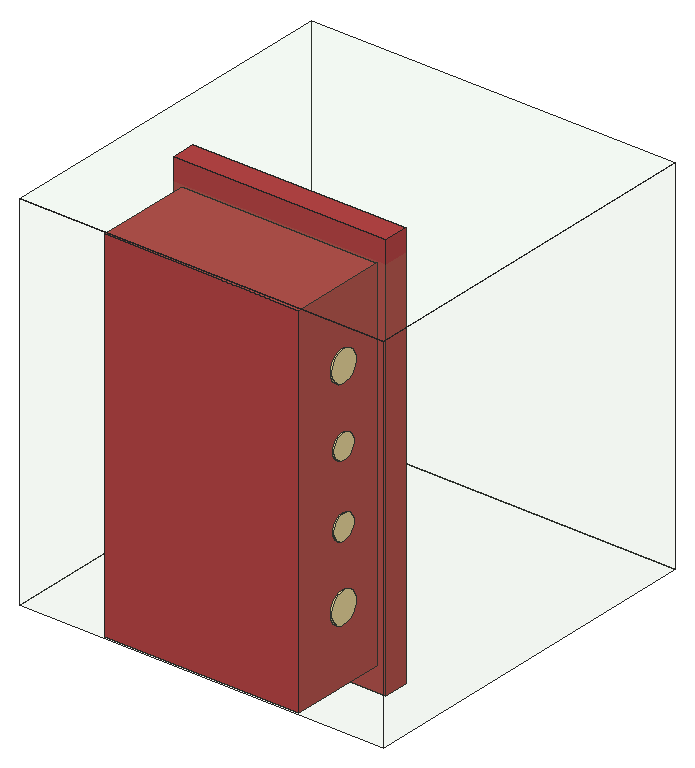
Revit family "ZETA_Коробка_Клемная_КС-20", category Электрические приборы, Revit 2021
Family settings
  Сохранять ориентацию аннотаций = Нет
  Размер круглого соединителя = Использовать диаметр
  Тип детали = Нормальный
  На основе рабочей плоскости = Да
  Всегда вертикально = Нет
  При загрузке вырезать с полостями = Нет
  Общий = Нет
  Точка принадлежности помещению = Да
Parameters (values of type "KC_20_IP54")
  УГО_Ширина = 10 mm
  УГО_Смещение_Х [instance] = 0 mm
  УГО_Смещение_Y [instance] = 0 mm
  УГО_Высота = 5 mm
  Температура эксплуатации = "от -40°С до +60°С"
  Сечение жил до = "4мм2"
  Сертификат = "RU C-RU.АД84.В.00192/20"
  Потолочное размещение [instance] = no
  Default Elevation = 1219.2 mm
  Описание = "Коробки клеммные КС с наборными зажимами применяются для соединения и\r\nразветвления вторичных и силовых цепей, выполняемых контрольными и силовыми\r\nкабелями с алюминиевыми или медными жилами сечением до 4 мм2."
  Номинальный ток = "до 25A"
  Напряжение постоянного тока = "440 В"
  Напряжение переменного тока = "660 В"
  Крышка_Ширина = 160 mm
  Крышка_Длина = 190 mm
  Климатическое исполнение = "У2"
  Изготовитель = "АО «ЗЭТА»"  # constant formula
  Изготавливается по = "ТУ 27.33.13.120-047-99856433-2020"
  URL = "https://nzeta.ru/"
  D3 = 20 mm
  D2 = 32 mm
  D1 = 25 mm
  В_УГО_Смещение_У [instance] = УГО_Смещение_Y + 2000 mm  # 2000 mm
  В_УГО_Смещение_X [instance] = УГО_Смещение_Х + 2000 mm  # 2000 mm
  ADSK_Ток = 0 A
  ADSK_Степень защиты_IP = "IP54"
  ADSK_Размер_Ширина = 175 mm
  ADSK_Размер_УголПоворота [instance] = if(Потолочное размещение, -90.00°, 180.00°)  # 180.00°
  ADSK_Размер_Длина = 336 mm
  ADSK_Размер_Высота = 100 mm
  ADSK_Примечание [instance] = ""
  ADSK_Полная мощность = 0 VA
  ADSK_Позиция [instance] = ""
  ADSK_Обозначение = "KK"
  ADSK_Номинальная мощность = 0 W
  ADSK_Номер стояка = ""
  ADSK_Номер линии = 0
  ADSK_Напряжение = 230 V
  ADSK_Наименование краткое = "КС-20"
  ADSK_Наименование = "Коробка соединительная КС-10 У2 IP54 пластиковый ввод ГОФРОМАТИК"
  ADSK_Материал наименование = "Сталь оцинкованная"
  ADSK_Масса_Текст = "2,2"
  ADSK_Масса = 2.2
  ADSK_Марка = "KK КС-20 У2 IP54"
  ADSK_Коэффициент мощности = 1
  ADSK_Количество фаз числовое = 1
  ADSK_Количество фаз = 1
  ADSK_Количество = 1
  ADSK_Код изделия = "zeta30330"
  ADSK_Классификация нагрузок = Прочее
  ADSK_Завод-изготовитель = "АО «ЗЭТА»"  # constant formula
  ADSK_Единица измерения = "шт"  # constant formula
  ADSK_Версия семейства = "v.1"  # constant formula
  ADSK_Версия Revit = "2021"
  ADSK_URL страницы изделия = "https://nzeta.ru/catalog/?q=zeta30346"
  ADSK_URL документации изделия = "https://nzeta.ru/upload/uf/cd3/ucvn5ijg5ejxga6zaml3v74937uulgkq/passport.pdf"
Types (3, lengths in mm): name | Потолочное размещение | Климатическое исполнение | ADSK_Степень защиты_IP | ADSK_Размер_УголПоворота | ADSK_Наименование | ADSK_Масса_Текст | ADSK_Масса | ADSK_Марка | ADSK_Код изделия | ADSK_URL страницы изделия | ADSK_URL документации изделия
  КС-20_IP65 | yes | "УХЛ1,5" | "IP65" | -90.00° | "Коробка соединительная КС-20 УХЛ1,5 IP65 латунный ввод ГОФРОМАТИК" | "2,3" | 2.3 | "KK КС-20 УХЛ1,5 IP65" | "zeta30346" | "https://nzeta.ru/catalog/?q=zeta30346" | "https://nzeta.ru/upload/uf/077/elgffl8um5zrcwu76treq3ypqj3qncgm/passport.pdf"
  КС_20_IP65_Метал.заглушки | yes | "УХЛ1,5" | "IP65" | -90.00° | "Коробка соединительная КС-20 УХЛ1,5  IP65 металлические заглушки ГОФРОМАТИК" | "2,1" | 2.1 | "KK КС-20 УХЛ1,5 IP65" | "zeta30329" | "https://nzeta.ru/catalog/?q=zeta30329" | "https://nzeta.ru/upload/uf/d7b/oe5fq7pedhduhieubx13nmdfqhj7s2xg/passport.pdf"
  KC_20_IP54 | no | "У2" | "IP54" | 180.00° | "Коробка соединительная КС-10 У2 IP54 пластиковый ввод ГОФРОМАТИК" | "2,2" | 2.2 | "KK КС-20 У2 IP54" | "zeta30330" | "https://nzeta.ru/catalog/?q=zeta30346" | "https://nzeta.ru/upload/uf/cd3/ucvn5ijg5ejxga6zaml3v74937uulgkq/passport.pdf"
Reference planes
  plane 1 "По центру (Вперед/Назад)": y = 0
  plane 2: z = 0
  plane 3 "По центру (Влево/Вправо)": x = 0
  plane 4: x = -2000
  plane 5: y = -2000
  plane 6: x = 0
  plane 7: y = 0
Lines and regions (mm)
  reference lines
    curve 1: line (0, 0, 0) -> (0, 0, -180)
    curve 2: line (0, 0, 0) -> (0, 140, 0)
Dimensions and locks
  "В_УГО_Смещение_X": plane 4 to plane 6
  "В_УГО_Смещение_У": plane 7 to plane 5
  angle curve 2 to curve 1 = 90.00°
  "ADSK_Размер_УголПоворота": angle plane 1 "По центру (Вперед/Назад)" to curve 1
  aligned and locked: level to plane 2
  aligned and locked: plane 6 to nested 1
  aligned and locked: nested 1 to plane 7
  aligned and locked: plane 2 to curve 2
  aligned and locked: plane 1 "По центру (Вперед/Назад)" to curve 1
  aligned and locked: nested 2 to curve 2
Nested families
  nested 1: "УГО_Клеменная_Коробка_(GenAnn)" at (0, 0, 0), УГО_Высота <- "УГО_Высота", УГО_Длина <- "УГО_Ширина", ADSK_Обозначение <- "ADSK_Обозначение", ADSK_Степень защиты_IP <- "ADSK_Степень защиты_IP", type "УГО_Клеменная_Коробка_(GenAnn)", detail levels coarse+medium
    with УГО_Длина 10 mm, УГО_Высота 5 mm, ADSK_Степень защиты_IP "IP54", ADSK_Обозначение "KK"
  nested 2: "ZETA_Коробка_Клемная_КС-20_IP65_Геометрия" at (0, 0, 0) x (0, 0, -1) z (0, 1, 0), type "КС-20", detail levels medium+fine
  nested 3: "Zeta_Зона обслуживания" at (0, 0, 0) x (-1, 0, 0) z (0, 0, -1), type "Зона обслуживания_Куб", detail levels medium+fine
    with Зона обслуживания_Ширина 300 mm, Зона обслуживания_Длина 300 mm, Зона обслуживания_Высота 300 mm
Connectors
  cabletrayconduit at (-81.999, 43.588, 88.893), diameter 32, driven by "D2"
    settings: on nested 2, index 2, connector width 300 mm, connector height 300 mm, connector angle 0.00°, system type 32, placement type 0, profile type 0, connector reference index -1, is primary connector yes, connector utility param no, connector description ""
  cabletrayconduit at (-81.999, 43.588, 0), diameter 25, driven by "D1"
    settings: on nested 2, index 3, connector width 300 mm, connector height 300 mm, connector angle 0.00°, system type 32, placement type 0, profile type 0, connector reference index -1, is primary connector no, connector utility param no, connector description ""
  cabletrayconduit at (-81.999, 43.588, -88.893), diameter 32, driven by "D2"
    settings: on nested 2, index 4, connector width 300 mm, connector height 300 mm, connector angle 0.00°, system type 32, placement type 0, profile type 0, connector reference index -1, is primary connector no, connector utility param no, connector description ""
  electrical at (0, 0, 0), driven by "ADSK_Количество фаз", driven by "ADSK_Классификация нагрузок", driven by "ADSK_Напряжение", driven by "ADSK_Полная мощность", driven by "ADSK_Коэффициент мощности"
    settings: on nested 2, index 5, voltage 230 V, apparent load 0 VA, apparent load phase1 0 VA, apparent load phase2 0 VA, apparent load phase3 0 VA, power factor 1, load classification "Прочее", number of poles 1, system type 30, power factor state 1, is connector primary yes, connector utility no, sub classification motor no, connector description ""
  cabletrayconduit at (81.928, 43.588, 89.057), diameter 25, driven by "D1"
    settings: on nested 2, index 7, connector width 300 mm, connector height 300 mm, connector angle 0.00°, system type 32, placement type 0, profile type 0, connector reference index -1, is primary connector no, connector utility param no, connector description ""
  cabletrayconduit at (81.928, 43.588, -89.057), diameter 25, driven by "D1"
    settings: on nested 2, index 8, connector width 300 mm, connector height 300 mm, connector angle 0.00°, system type 32, placement type 0, profile type 0, connector reference index -1, is primary connector no, connector utility param no, connector description ""
  cabletrayconduit at (81.928, 43.588, 29.686), diameter 20, driven by "D3"
    settings: on nested 2, index 9, connector width 300 mm, connector height 300 mm, connector angle 0.00°, system type 32, placement type 0, profile type 0, connector reference index -1, is primary connector no, connector utility param no, connector description ""
  cabletrayconduit at (81.928, 43.588, -29.686), diameter 20, driven by "D3"
    settings: on nested 2, index 10, connector width 300 mm, connector height 300 mm, connector angle 0.00°, system type 32, placement type 0, profile type 0, connector reference index -1, is primary connector no, connector utility param no, connector description ""
Definition of nested family "ZETA_Коробка_Клемная_КС-20_IP65_Геометрия"
  Parameters (values of type "65-20")
    Привязки_Штуцер = 177.786 mm
    Default Elevation = 1219.2 mm
    Основание_Ширина = ADSK_Размер_Ширина * 0.9142  # 159.985 mm
    Основание_Длина = ADSK_Размер_Длина * 0.8835  # 296.856 mm
    Manufacturer = "АО \"ЗЭТАРУС\""
    D3 = 20 mm
    D2 = 32 mm
    D1 = 25 mm
    ADSK_Размер_Ширина = 175 mm
    ADSK_Размер_Длина = 336 mm
    ADSK_Размер_Высота = 100 mm
  Reference planes
    plane 1 "По центру (Вперед/Назад)": y = 0
    plane 2: z = 0
    plane 3 "По центру (Влево/Вправо)": x = 0
    plane 4: x = -148.428
    plane 5: x = 148.428
    plane 6: y = -79.992
    plane 7: y = 79.993
    plane 8: x = -168
    plane 9: y = -87.5
    plane 10: x = 168
    plane 11: y = 87.5
    plane 12: z = 100
    plane 13: z = 79.822
    plane 14: y = -57.269
    plane 15: y = 57.269
    plane 16: z = 43.588
    plane 17: y = -81.999
    plane 18: y = 81.928
    plane 19: x = -88.893
    plane 20: x = 88.893
    plane 21: x = -29.686
    plane 22: x = -89.057
    plane 23: x = 29.686
    plane 24: x = 89.057
  Forms (mm)
    Extrusion 1, solid
      sketch origin (0, 0, 0) x (1, 0, 0) y (0, 1, 0)
        loop
          line (-148.428, 79.993) -> (-148.428, -79.992) -> (148.428, -79.992) -> (148.428, 79.993) -> (-148.428, 79.993)
      from 0 to 79.822
    Extrusion 2, solid
      sketch origin (0, 0, 0) x (1, 0, 0) y (0, 1, 0)
        loop
          line (-168, 87.5) -> (-168, -87.5) -> (168, -87.5) -> (168, 87.5) -> (-168, 87.5)
      from 100 to 79.822
    Extrusion 3, solid
      sketch origin (0, 0, 0) x (1, 0, 0) y (0, 0, 1)
        loop
          circle (-88.893, 43.588) r 16
      from 79.992 to 81.999
    Extrusion 4, solid
      sketch origin (43.5, 0, 0) x (1, 0, 0) y (0, 0, 1)
        loop
          circle (-43.5, 43.588) r 12.5
      from 81.999 to 79.992
    Extrusion 5, solid
      sketch origin (117, 0, 0) x (1, 0, 0) y (0, 0, 1)
        loop
          circle (-28.107, 43.588) r 16
      from 81.999 to 79.992
    Extrusion 6, solid
      sketch origin (85.899, 167.006, 14.478) x (1, 0, 0) y (0, 0, 1)
        loop
          circle (-115.585, 29.11) r 10
      from 85.079 to 87.014
    Extrusion 7, solid
      sketch origin (26.528, 167.006, 14.478) x (1, 0, 0) y (0, 0, 1)
        loop
          circle (-115.585, 29.11) r 12.5
      from 85.079 to 87.014
    Extrusion 8, solid
      sketch origin (145.27, 167.006, 14.478) x (1, 0, 0) y (0, 0, 1)
        loop
          circle (-115.585, 29.11) r 10
      from 85.079 to 87.014
    Extrusion 9, solid
      sketch origin (204.642, 167.006, 14.478) x (1, 0, 0) y (0, 0, 1)
        loop
          circle (-115.585, 29.11) r 12.5
      from 85.079 to 87.014
  Dimensions and locks
    equal spacing: plane 4, plane 3 "По центру (Влево/Вправо)", plane 5
    equal spacing: plane 7, plane 1 "По центру (Вперед/Назад)", plane 6
    "Основание_Ширина": plane 7 to plane 6
    "Основание_Длина": plane 4 to plane 5
    equal spacing: plane 11, plane 1 "По центру (Вперед/Назад)", plane 9
    equal spacing: plane 8, plane 3 "По центру (Влево/Вправо)", plane 10
    "ADSK_Размер_Ширина": plane 11 to plane 9
    "ADSK_Размер_Длина": plane 8 to plane 10
    "ADSK_Размер_Высота": plane 12 to level
    locked: plane 6 to plane 17 at 2.006
    locked: plane 18 to plane 7 at 1.935
    equal spacing: plane 19, plane 3 "По центру (Влево/Вправо)", plane 20
    equal spacing: plane 4, plane 22, plane 21, plane 23, plane 24, plane 5
    "Привязки_Штуцер": plane 19 to plane 20
    "D2": diameter of Extrusion 3 sketch curve
    "D1": diameter of Extrusion 4 sketch curve
    "D2": diameter of Extrusion 5 sketch curve
    "D3": diameter of Extrusion 6 sketch curve
    "D1": diameter of Extrusion 7 sketch curve
    "D3": diameter of Extrusion 8 sketch curve
    "D1": diameter of Extrusion 9 sketch curve
    aligned and locked: level to plane 2
    aligned and locked: Extrusion 1 sketch curve to plane 7
    aligned and locked: plane 4 to Extrusion 1 sketch curve
    aligned and locked: plane 6 to Extrusion 1 sketch curve
    aligned and locked: Extrusion 1 sketch curve to plane 5
    aligned and locked: Extrusion 2 sketch curve to plane 11
    aligned and locked: plane 8 to Extrusion 2 sketch curve
    aligned and locked: plane 9 to Extrusion 2 sketch curve
    aligned and locked: Extrusion 2 sketch curve to plane 10
    aligned and locked: Extrusion 2 to plane 13
    aligned and locked: Extrusion 1 to Extrusion 2
    aligned and locked: plane 16 to Extrusion 3 sketch curve
    aligned and locked: plane 6 to Extrusion 3
    aligned and locked: Extrusion 3 to plane 17
    aligned and locked: plane 18 to Extrusion 6
    aligned and locked: Extrusion 6 to plane 7
    aligned and locked: Extrusion 4 to Extrusion 1
    aligned and locked: Extrusion 4 to plane 17
    aligned and locked: Extrusion 5 to Extrusion 1
    aligned and locked: Extrusion 5 to plane 17
    aligned and locked: plane 19 to Extrusion 3 sketch curve
    aligned and locked: plane 20 to Extrusion 5 sketch curve
    aligned and locked: plane 16 to Extrusion 5 sketch curve
    aligned and locked: plane 16 to Extrusion 6 sketch curve
    aligned and locked: plane 21 to Extrusion 6 sketch curve
  Automatic sketch dimensions
    Extrusion 4 sketch curve to plane 3 "По центру (Влево/Вправо)" = 0 mm
    Extrusion 4 sketch curve to plane 16 = 0 mm
    Extrusion 7 sketch curve to plane 16 = 0 mm
    Extrusion 7 sketch curve to plane 22 = 0 mm
    Extrusion 8 sketch curve to plane 16 = 0 mm
    Extrusion 8 sketch curve to plane 23 = 0 mm
    Extrusion 9 sketch curve to plane 16 = 0 mm
    Extrusion 9 sketch curve to plane 24 = 0 mm
Definition of nested family "Zeta_Зона обслуживания"
  Parameters (values of type "Зона обслуживания_Куб")
    Default Elevation = 1219.2 mm
    Зона обслуживания_Ширина [instance] = 300 mm
    Зона обслуживания_Длина [instance] = 300 mm
    Зона обслуживания_Высота [instance] = 300 mm
  Reference planes
    plane 1 "По центру (Вперед/Назад)": y = 0
    plane 2: z = 0
    plane 3 "По центру (Влево/Вправо)": x = 0
    plane 4: x = -150
    plane 5: x = 150
    plane 6: y = 300
    plane 7: z = 150
    plane 8: z = -150
  Forms (mm)
    Extrusion 1, solid
      sketch origin (0, 0, 0) x (1, 0, 0) y (0, 1, 0)
        loop
          line (-150, 300) -> (-150, 0) -> (150, 0) -> (150, 300) -> (-150, 300)
      from -150 to 150
  Dimensions and locks
    equal spacing: plane 4, plane 3 "По центру (Влево/Вправо)", plane 5
    "Зона обслуживания_Ширина": plane 6 to plane 1 "По центру (Вперед/Назад)"
    "Зона обслуживания_Длина": plane 4 to plane 5
    equal spacing: plane 7, level, plane 8
    "Зона обслуживания_Высота": plane 7 to plane 8
    aligned and locked: level to plane 2
    aligned and locked: Extrusion 1 sketch curve to plane 6
    aligned and locked: plane 4 to Extrusion 1 sketch curve
    aligned and locked: Extrusion 1 sketch curve to plane 5
    aligned and locked: Extrusion 1 to plane 8
    aligned and locked: plane 7 to Extrusion 1
    aligned and locked: plane 1 "По центру (Вперед/Назад)" to Extrusion 1
  Automatic sketch dimensions
    plane 1 "По центру (Вперед/Назад)" to Extrusion 1 sketch curve = 0 mm
Definition of nested family "УГО_Клеменная_Коробка_(GenAnn)"
  Parameters (values of type "УГО_Клеменная_Коробка_(GenAnn)")
    УГО_Длина [instance] = 10 mm
    УГО_Высота [instance] = 5 mm
    ADSK_Степень защиты_IP [instance] = ""
    ADSK_Обозначение [instance] = ""
  Reference planes
    plane 1: y = 0
    plane 2: x = 0
  Lines and regions (mm)
    Filled region 1, type "Filled region 1"
      outline origin (0, 0, 0) x (1, 0, 0) y (0, 1, 0)
        loop
          line (-5, 2.5) -> (-5, -2.5) -> (5, -2.5) -> (5, 2.5) -> (-5, 2.5)
    reference lines
      curve 1: line (-5, 2.5, 0) -> (-5, -2.5, 0)
      curve 2: line (-5, -2.5, 0) -> (5, -2.5, 0)
      curve 3: line (5, 2.5, 0) -> (5, -2.5, 0)
      curve 4: line (-5, 2.5, 0) -> (5, 2.5, 0)
  Text (mm)
    label "KK IP 54" at (0.033, -0.03, 0), shows "ADSK_Обозначение", "ADSK_Степень защиты_IP"
  Dimensions and locks
    equal spacing: curve 1, plane 2, curve 3
    equal spacing: curve 2, plane 1, curve 4
    "УГО_Длина": curve 1 to curve 3
    "УГО_Высота": curve 2 to curve 4
    aligned and locked: Filled region 1 sketch curve to curve 4
    aligned and locked: Filled region 1 sketch curve to curve 1
    aligned and locked: Filled region 1 sketch curve to curve 2
    aligned and locked: Filled region 1 sketch curve to curve 3
